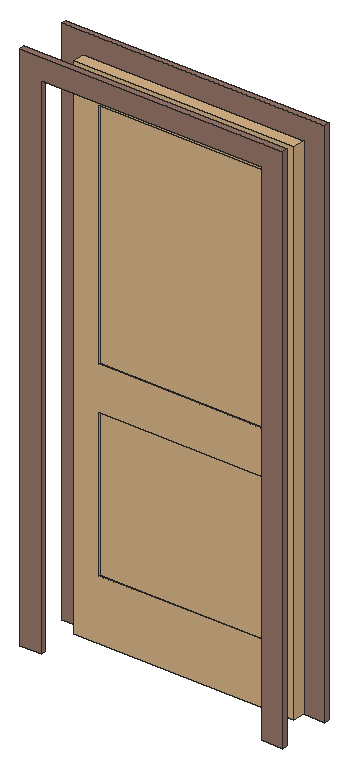
Revit family
Parameters (values of type "0914 x 2134mm")
  Thickness = 51 mm
  Height = 2134 mm
  난간 폭 - 하단 = 254 mm
  난간 폭 - 중심 = 178 mm
  난간 폭-헤드 = 127 mm
  선틀 폭 = 102 mm
  자르기 투영 외부 = 19 mm
  자르기 투영 내부 = 19 mm
  자르기 폭 외부 = 89 mm
  자르기 폭 내부 = 89 mm
  Wall Closure = (empty or 0)
  Width = 914 mm
  프레임 재료 = 문 - 프레임
  문 재료 = 문 - 패널
Types (7, lengths in mm): name | Height | Width
  0762 x 2032mm | 2032 | 762
  0762 x 2134mm | 2134 | 762
  0813 x 2134mm | 2134 | 813
  0864 x 2134mm | 2134 | 864
  0914 x 2032mm | 2032 | 914
  0914 x 2134mm | 2134 | 914
  0864 x 2032mm | 2032 | 864
Reference planes
  plane 1: y = 0
  plane 2 "중심(왼쪽/오른쪽)": x = 0
  plane 3: x = -457
  plane 4 "오른쪽": x = 457
  plane 5: z = 2134
  plane 6: z = 2007
  plane 7: z = 1042
  plane 8: z = 864
  plane 9: z = 254
  plane 10: x = 355
  plane 11: x = -355
Forms (mm)
  Extrusion 1, solid, material "문 - 프레임"
    sketch origin (-3050, -100, 0) x (1, 0, 0) y (0, 0, 1)
      loop
        line (2504, 0) -> (2593, 0) -> (2593, 2134) -> (3507, 2134) -> (3507, 0) -> (3596, 0) -> (3596, 2223) -> (2504, 2223) -> (2504, 0)
    from 0 to 19
  Extrusion 2, solid, material "문 - 패널" <- "문 재료"
    sketch origin (-3050, 94, 0) x (-1, 0, 0) y (0, 0, 1)
      loop
        line (-3507, 2134) -> (-3507, 0) -> (-2593, 0) -> (-2593, 2134) -> (-3507, 2134)
      loop
        line (-3405, 2007) -> (-3405, 1042) -> (-2695, 1042) -> (-2695, 2007) -> (-3405, 2007)
      loop
        line (-3405, 864) -> (-3405, 254) -> (-2695, 254) -> (-2695, 864) -> (-3405, 864)
    from 6 to -45
  Extrusion 3, solid, material "문 - 패널" <- "문 재료"
    sketch origin (-3050, 100, 0) x (-1, 0, 0) y (0, 0, 1)
      loop
        line (-3405, 2007) -> (-3405, 1042) -> (-2695, 1042) -> (-2695, 2007) -> (-3405, 2007)
      loop
        line (-3405, 864) -> (-3405, 254) -> (-2695, 254) -> (-2695, 864) -> (-3405, 864)
    from -6 to -45
  Extrusion 4, solid, material "문 - 프레임" <- "프레임 재료"
    sketch origin (-5000, 100, 0) x (-1, 0, 0) y (0, 0, 1)
      loop
        line (-5457, 0) -> (-5457, 2134) -> (-4543, 2134) -> (-4543, 0) -> (-4454, 0) -> (-4454, 2223) -> (-5546, 2223) -> (-5546, 0) -> (-5457, 0)
    from 0 to 19
Lines and regions (mm)
  Opening 1
    outline origin (-3050, -100, 0) x (1, 0, 0) y (0, 0, 1)
      loop
        line (2593, 0) -> (3507, 0) -> (3507, 2134) -> (2593, 2134) -> (2593, 0)
  symbolic lines, style "DoorsPanelProjection"
    curve 1: line (457, 100, 0) -> (406, 100, 0)
    curve 2: line (457, 100, 0) -> (457, 1014, 0)
    curve 3: line (457, 1014, 0) -> (406, 1014, 0)
    curve 4: line (406, 100, 0) -> (406, 1014, 0)
  symbolic lines, style "평면 스윙"
    curve 5: arc (-457, 100, 0) -> (-189.296, 746.296, 0) -> (457, 1014, 0) r 914
  model lines, style "DoorsPanelProjection"
    curve 6: line (355, 94, 1956.211) -> (-355, 94, 1956.211)
    curve 7: line (355, 94, 1905.421) -> (-355, 94, 1905.421)
    curve 8: line (355, 94, 1854.632) -> (-355, 94, 1854.632)
    curve 9: line (355, 94, 1803.842) -> (-355, 94, 1803.842)
    curve 10: line (355, 94, 1753.053) -> (-355, 94, 1753.053)
    curve 11: line (355, 94, 1702.263) -> (-355, 94, 1702.263)
    curve 12: line (355, 94, 1651.474) -> (-355, 94, 1651.474)
    curve 13: line (355, 94, 1549.895) -> (-355, 94, 1549.895)
    curve 14: line (355, 94, 1499.105) -> (-355, 94, 1499.105)
    curve 15: line (355, 94, 1448.316) -> (-355, 94, 1448.316)
    curve 16: line (355, 94, 1397.526) -> (-355, 94, 1397.526)
    curve 17: line (355, 94, 1346.737) -> (-355, 94, 1346.737)
    curve 18: line (355, 94, 1295.947) -> (-355, 94, 1295.947)
    curve 19: line (355, 94, 1245.158) -> (-355, 94, 1245.158)
    curve 20: line (355, 94, 1194.368) -> (-355, 94, 1194.368)
    curve 21: line (355, 94, 1143.579) -> (-355, 94, 1143.579)
    curve 22: line (355, 94, 1092.789) -> (-355, 94, 1092.789)
    curve 23: line (355, 94, 813.167) -> (-355, 94, 813.167)
    curve 24: line (355, 94, 762.333) -> (-355, 94, 762.333)
    curve 25: line (355, 94, 711.5) -> (-355, 94, 711.5)
    curve 26: line (355, 94, 660.667) -> (-355, 94, 660.667)
    curve 27: line (355, 94, 609.833) -> (-355, 94, 609.833)
    curve 28: line (355, 94, 559) -> (-355, 94, 559)
    curve 29: line (355, 94, 508.167) -> (-355, 94, 508.167)
    curve 30: line (355, 94, 457.333) -> (-355, 94, 457.333)
    curve 31: line (355, 94, 406.5) -> (-355, 94, 406.5)
    curve 32: line (355, 94, 355.667) -> (-355, 94, 355.667)
    curve 33: line (355, 94, 304.833) -> (-355, 94, 304.833)
    curve 34: line (355, 94, 1600.684) -> (-355, 94, 1600.684)
  symbolic lines, style "입면도 스윙"
    curve 35: line (-457, 0, 2134) -> (457, 0, 1067)
    curve 36: line (457, 0, 1067) -> (-457, 0, 0)
Text (mm)
  text "외부" at (-1537.795, 1309.753, 0), in view "바닥 선"
  text "외부" at (0, 1623.055, 2953.67), in view "왼쪽"
  text "외부" at (0, -1724.616, 4274.932), in view "오른쪽"
Dimensions and locks
  equal spacing: plane 3, plane 2 "중심(왼쪽/오른쪽)", plane 4 "오른쪽"
  "Width": plane 3 to plane 4 "오른쪽"
  plane 1 to host wall = 0 mm
  "자르기 폭 내부": Extrusion 1 sketch curve to plane 3
  "자르기 폭 내부": plane 5 to Extrusion 1 sketch curve
  "자르기 폭 내부": plane 4 "오른쪽" to Extrusion 1 sketch curve
  "Height": plane 5 to host wall
  equal spacing: plane 7, curve 22, curve 21, curve 20, curve 19, curve 18, curve 17, curve 16, curve 15, curve 14, curve 13, curve 34, curve 12, curve 11, curve 10, curve 9, curve 8, curve 7, curve 6, plane 6
  equal spacing: plane 9, curve 33, curve 32, curve 31, curve 30, curve 29, curve 28, curve 27, curve 26, curve 25, curve 24, curve 23, plane 8
  "난간 폭 - 하단": level to plane 9
  "난간 폭 - 중심": plane 8 to plane 7
  "난간 폭-헤드": plane 6 to plane 5
  "선틀 폭": plane 10 to plane 4 "오른쪽"
  "선틀 폭": plane 11 to plane 3
  "Thickness": curve 4 to curve 2
  "Thickness": Extrusion 2 to host wall
  locked: Extrusion 2 to Extrusion 3 at 6  (x2)
  "자르기 투영 내부": Extrusion 1 to Extrusion 1
  "자르기 폭 외부": plane 4 "오른쪽" to Extrusion 4 sketch curve
  "자르기 폭 외부": Extrusion 4 sketch curve to plane 3
  "자르기 폭 외부": plane 5 to Extrusion 4 sketch curve
  "자르기 투영 외부": Extrusion 4 to Extrusion 4
  "Width": curve 3 to curve 1
  equal spacing: level, curve 36, plane 5
  aligned and locked: plane 3 to Opening 1 sketch curve
  aligned and locked: plane 5 to Opening 1 sketch curve  (x2)
  aligned and locked: Opening 1 sketch curve to plane 4 "오른쪽"
  aligned and locked: Opening 1 sketch curve to level
  aligned and locked: level to Extrusion 1 sketch curve
  aligned and locked: plane 5 to Extrusion 1 sketch curve  (x2)
  aligned and locked: Extrusion 1 sketch curve to plane 4 "오른쪽"
  aligned and locked: plane 3 to Extrusion 1 sketch curve
  aligned and locked: plane 1 to host wall
  aligned and locked: Extrusion 2 sketch curve to Extrusion 1  (x2)
  aligned and locked: plane 10 to Extrusion 2 sketch curve  (x2)
  aligned and locked: plane 6 to Extrusion 2 sketch curve
  aligned and locked: plane 7 to Extrusion 2 sketch curve
  aligned and locked: plane 11 to Extrusion 2 sketch curve  (x2)
  aligned and locked: plane 8 to Extrusion 2 sketch curve
  aligned and locked: plane 9 to Extrusion 2 sketch curve
  aligned and locked: Extrusion 3 sketch curve to Extrusion 2  (x8)
  aligned and locked: host wall to curve 1
  aligned and locked: plane 10 to curve 34
  aligned and locked: plane 11 to curve 34
  aligned and locked: Extrusion 1 to host wall
  aligned and locked: host wall to Extrusion 2
  aligned and locked: Extrusion 4 to host wall
Automatic sketch dimensions
  Extrusion 1 sketch curve to level = 0 mm
  curve 1 to plane 4 "오른쪽" = 0 mm
  curve 5 to plane 3 = 0 mm
  Extrusion 2 sketch curve to plane 4 "오른쪽" = 0 mm
  Extrusion 2 sketch curve to plane 5 = 0 mm
  Extrusion 4 sketch curve to level = 0 mm  (x2)
  Extrusion 4 sketch curve to plane 4 "오른쪽" = 0 mm
  Extrusion 4 sketch curve to plane 3 = 0 mm
  Extrusion 4 sketch curve to plane 5 = 0 mm
  curve 35 to plane 3 = 0 mm
  curve 35 to plane 5 = 0 mm
  curve 36 to plane 4 "오른쪽" = 0 mm
  curve 36 to level = 0 mm
  curve 36 to plane 3 = 0 mm
  curve 6 to plane 11 = 0 mm
  curve 7 to plane 11 = 0 mm
  curve 8 to plane 11 = 0 mm
  curve 33 to plane 11 = 0 mm
  curve 9 to plane 11 = 0 mm
  curve 32 to plane 11 = 0 mm
  curve 10 to plane 11 = 0 mm
  curve 31 to plane 11 = 0 mm
  curve 11 to plane 11 = 0 mm
  curve 30 to plane 11 = 0 mm
  curve 12 to plane 11 = 0 mm
  curve 29 to plane 11 = 0 mm
  curve 13 to plane 11 = 0 mm
  curve 28 to plane 11 = 0 mm
  curve 14 to plane 11 = 0 mm
  curve 27 to plane 11 = 0 mm
  curve 15 to plane 11 = 0 mm
  curve 26 to plane 11 = 0 mm
  curve 16 to plane 11 = 0 mm
  curve 25 to plane 11 = 0 mm
  curve 17 to plane 11 = 0 mm
  curve 24 to plane 11 = 0 mm
  curve 18 to plane 11 = 0 mm
  curve 23 to plane 11 = 0 mm
  curve 19 to plane 11 = 0 mm
  curve 22 to plane 11 = 0 mm
  curve 20 to plane 11 = 0 mm
  curve 21 to plane 11 = 0 mm
  curve 21 to plane 10 = 0 mm
  curve 22 to plane 10 = 0 mm
  curve 20 to plane 10 = 0 mm
  curve 23 to plane 10 = 0 mm
  curve 19 to plane 10 = 0 mm
  curve 24 to plane 10 = 0 mm
  curve 18 to plane 10 = 0 mm
  curve 25 to plane 10 = 0 mm
  curve 17 to plane 10 = 0 mm
  curve 26 to plane 10 = 0 mm
  curve 16 to plane 10 = 0 mm
  curve 27 to plane 10 = 0 mm
  curve 15 to plane 10 = 0 mm
  curve 28 to plane 10 = 0 mm
  curve 14 to plane 10 = 0 mm
  curve 29 to plane 10 = 0 mm
  curve 13 to plane 10 = 0 mm
  curve 30 to plane 10 = 0 mm
  curve 12 to plane 10 = 0 mm
  curve 31 to plane 10 = 0 mm
  curve 11 to plane 10 = 0 mm
  curve 32 to plane 10 = 0 mm
  curve 10 to plane 10 = 0 mm
  curve 33 to plane 10 = 0 mm
  curve 9 to plane 10 = 0 mm
  curve 8 to plane 10 = 0 mm
  curve 7 to plane 10 = 0 mm
  curve 6 to plane 10 = 0 mm
